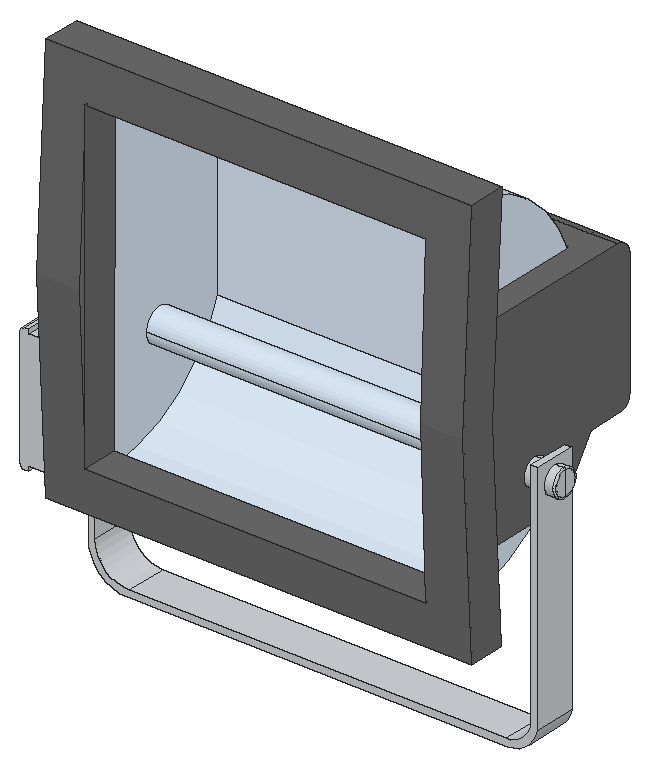
Revit family "Lighting-Floodlights-GEWISS-COLOSSEUM_OTTICA_CIRCULAR", category Apparecchi per illuminazione, host Superficie, Revit 2019
Family settings
  Host = Superficie
  Quota connettore circolare = Usa diametro
  Tipo di parte = Normale
  Numero OmniClass = 23.80.70.11.14
  Titolo OmniClass = General Luminaries, Directional
  Taglio con vuoti quando caricato = No
  Sorgente d'illuminazione = No
  Condiviso = No
  Punto di calcolo locali = Sì
Parameters (values of type "GW84755 - COLOSSEUM CIR. BEAM MEDIUM 2000W MN")
  Weight (kg): = "16"
  Weight (kg) = "16"
  Voltaggio = 230 V
  Version type = ""
  Version file RFA = "20.11"
  URL = "https://www.gewiss.com/ww/en"
  Technical sheet = "https://www.gewiss.com/ww/en/search?q=GW84755"
  Staffa = none
  Spessore staffa = 40 mm  # constant formula
  Shock resistance = "IK09"
  SIMBOLO [instance] = yes
  SEO = "Floodlight"
  Realized by GEWISS S.p.A. = ""
  Default Elevation = 1219.2 mm
  Produttore = "GEWISS S.p.A."
  Optic = "Circular - ULOR: 0%"
  Offset etichetta W [instance] = 150 mm
  Numero di poli = 2
  Modello = "GW84755"
  Minimum distance from the illuminated object = "3M"
  Maximum surface exposed to the wind = "0,25M2"
  Material = "Aluminium"
  Manopola di rotazione = none
  Light pollution = "0 cd/Klm"
  Lateral surface exposed to the wind = "0,083M2"
  Lampada = "MN"
  Lamp power = "2000W"
  Lamp holder = "K12s/Cable"
  Lamp current: = "11,3A"
  Lamp current = "11,3A"
  Lamp = "MN"
  L_interna staffa = 515 mm  # constant formula
  Insulation class = "I"
  Immagine tipo = GW84656.jpg
  IP degree = "IP66"
  IFC.TypeObject = ""
  IFC.ExportType = ""
  IFC.ExportAs = ""
  IDT = "36e0c751-5da2-4f5b-b782-3005ce20383a"
  IDF = "0415cf78-a531-4e92-83dd-7aec1197f31b"
  Electrocod = "2433"
  ETICHETTA [instance] = yes
  EAN code = "8011564100008"
  Descrizione = "COLOSSEUM CIR. BEAM MEDIUM 2000W MN"
  DIN 18032-3 certification = "Complying"
  Colour = "Graphite grey"
  Classificazione carico = Illuminazione
  Catalogue Range = "COLOSSEUM"
  Catalogue = "LIGHTING"
  Carico apparente = 2000 VA
  COBie.Tagnumber = ""
  COBie.CreatedOn = ""
  COBie.CreatebBy = ""
  COBie.ComponentRegisterItemID = ""
  COBie.Component.TagNumber = ""
  COBie.Component.Space = ""
  COBie.Component.SerialNumber = ""
  COBie.Component.InstallationDate = ""
  COBie.Component.Description = ""
  COBie.Component.BarCode = ""
  Beam = "Medium - 10°"
  BIDIMENSIONALE [instance] = not(SIMBOLO)  # no
  Application = "External"
Reference planes
  plane 1 "Centro (Fronte/Retro)": y = 0
  plane 2: z = 0
  plane 3 "Centro (Sinistra/Destra)": x = 0
  plane 4: z = 306.868
  plane 5: y = 20
  plane 6: y = -20
  plane 7: x = -257.5
  plane 8: x = 257.5
  plane 9: y = -150
Lines and regions (mm)
  Masking region 1, visible <- "BIDIMENSIONALE"
    outline origin (0, 0, 0) x (1, 0, 0) y (0, 1, 0)
      loop
        line (-265.318, 45) -> (-329.825, 45) -> (-329.825, -45) -> (-265.318, -45) -> (-265.318, -25) -> (-241.5, -25) -> (-241.5, -60.148) -> (-251.5, -60.148) -> (-251.5, -105.146) -> (251.5, -105.146) -> (251.5, -60.148) -> (241.5, -60.148) -> (241.5, -25) -> (265.318, -25) -> (265.318, -16.196) -> (277.893, -16.196) -> (277.893, 15.967) -> (265.318, 15.967) -> (265.318, 25) -> (241.5, 25) -> (241.5, 140) -> (-241.5, 140) -> (-241.5, 25) -> (-265.318, 25) -> (-265.318, 45)
  symbolic lines, visible <- "BIDIMENSIONALE"
    curve 1: line (-329.825, 45, 138.951) -> (-265.318, 45, 138.951)
    curve 2: line (-329.825, -45, 138.951) -> (-329.825, 45, 138.951)
    curve 3: line (-265.318, -45, 138.951) -> (-329.825, -45, 138.951)
    curve 4: line (-265.318, 45, 138.951) -> (-265.318, -45, 138.951)
    curve 5: line (-320.053, 45, 138.951) -> (-320.053, -45, 138.951)
    curve 6: line (-265.318, 25, 138.951) -> (-241.5, 25, 138.951)
    curve 7: line (-265.318, -25, 138.951) -> (-265.318, 25, 138.951)
    curve 8: line (-241.5, -25, 138.951) -> (-265.318, -25, 138.951)
    curve 9: line (-241.5, 25, 138.951) -> (-241.5, -25, 138.951)
    curve 10: line (-257.5, 25, 138.951) -> (-257.5, -25, 138.951)
    curve 11: line (-241.5, -60.148, 138.951) -> (241.5, -60.148, 138.951)
    curve 12: line (-241.5, 140, 138.951) -> (-241.5, -60.148, 138.951)
    curve 13: line (241.5, 140, 138.951) -> (-241.5, 140, 138.951)
    curve 14: line (241.5, -60.148, 138.951) -> (241.5, 140, 138.951)
    curve 15: line (251.5, -60.148, 138.951) -> (-251.5, -60.148, 138.951)
    curve 16: line (251.5, -105.146, 138.951) -> (251.5, -60.148, 138.951)
    curve 17: line (-251.5, -105.146, 138.951) -> (251.5, -105.146, 138.951)
    curve 18: line (-251.5, -60.148, 138.951) -> (-251.5, -105.146, 138.951)
    curve 19: line (265.318, 25, 138.951) -> (241.5, 25, 138.951)
    curve 20: line (265.318, -25, 138.951) -> (265.318, 25, 138.951)
    curve 21: line (241.5, -25, 138.951) -> (265.318, -25, 138.951)
    curve 22: line (241.5, 25, 138.951) -> (241.5, -25, 138.951)
    curve 23: line (265.318, -16.196, 138.951) -> (277.893, -16.196, 138.951)
    curve 24: line (265.318, 15.967, 138.951) -> (265.318, -16.196, 138.951)
    curve 25: line (277.893, 15.967, 138.951) -> (265.318, 15.967, 138.951)
    curve 26: line (277.893, -16.196, 138.951) -> (277.893, 15.967, 138.951)
    curve 27: line (257.5, -25, 138.951) -> (257.5, 25, 138.951)
  symbolic lines, visible <- "BIDIMENSIONALE", not visible
    curve 28: line (-329.825, 45, 138.951) -> (-265.318, 45, 138.951)
    curve 29: line (-329.825, -45, 138.951) -> (-329.825, 45, 138.951)
    curve 30: line (-265.318, -45, 138.951) -> (-329.825, -45, 138.951)
    curve 31: line (-265.318, 45, 138.951) -> (-265.318, -45, 138.951)
    curve 32: line (-320.053, 45, 138.951) -> (-320.053, -45, 138.951)
    curve 33: line (-265.318, 25, 138.951) -> (-241.5, 25, 138.951)
    curve 34: line (-265.318, -25, 138.951) -> (-265.318, 25, 138.951)
    curve 35: line (-241.5, -25, 138.951) -> (-265.318, -25, 138.951)
    curve 36: line (-241.5, 25, 138.951) -> (-241.5, -25, 138.951)
    curve 37: line (-257.5, 25, 138.951) -> (-257.5, -25, 138.951)
    curve 38: line (-241.5, -60.148, 138.951) -> (241.5, -60.148, 138.951)
    curve 39: line (-241.5, 140, 138.951) -> (-241.5, -60.148, 138.951)
    curve 40: line (241.5, 140, 138.951) -> (-241.5, 140, 138.951)
    curve 41: line (241.5, -60.148, 138.951) -> (241.5, 140, 138.951)
    curve 42: line (251.5, -60.148, 138.951) -> (-251.5, -60.148, 138.951)
    curve 43: line (251.5, -105.146, 138.951) -> (251.5, -60.148, 138.951)
    curve 44: line (-251.5, -105.146, 138.951) -> (251.5, -105.146, 138.951)
    curve 45: line (-251.5, -60.148, 138.951) -> (-251.5, -105.146, 138.951)
    curve 46: line (265.318, 25, 138.951) -> (241.5, 25, 138.951)
    curve 47: line (265.318, -25, 138.951) -> (265.318, 25, 138.951)
    curve 48: line (241.5, -25, 138.951) -> (265.318, -25, 138.951)
    curve 49: line (241.5, 25, 138.951) -> (241.5, -25, 138.951)
    curve 50: line (265.318, -16.196, 138.951) -> (277.893, -16.196, 138.951)
    curve 51: line (265.318, 15.967, 138.951) -> (265.318, -16.196, 138.951)
    curve 52: line (277.893, 15.967, 138.951) -> (265.318, 15.967, 138.951)
    curve 53: line (277.893, -16.196, 138.951) -> (277.893, 15.967, 138.951)
    curve 54: line (257.5, -25, 138.951) -> (257.5, 25, 138.951)
Dimensions and locks
  equal spacing: plane 6, plane 1 "Centro (Fronte/Retro)", plane 5
  "Spessore staffa": plane 6 to plane 5
  equal spacing: plane 7, plane 3 "Centro (Sinistra/Destra)", plane 8
  "L_interna staffa": plane 7 to plane 8
  nested 2 to nested 2 = 503 mm
  "Offset etichetta W": plane 1 "Centro (Fronte/Retro)" to plane 9
  aligned and locked: plane 2 to host face
  aligned and locked: level to host face
  aligned and locked: plane 1 "Centro (Fronte/Retro)" to nested 1
  aligned and locked: plane 3 "Centro (Sinistra/Destra)" to nested 1
  aligned and locked: nested 1 to nested 2
  aligned and locked: plane 3 "Centro (Sinistra/Destra)" to nested 3
  aligned and locked: plane 1 "Centro (Fronte/Retro)" to nested 3
  aligned and locked: nested 2 to plane 1 "Centro (Fronte/Retro)"
  aligned and locked: plane 3 "Centro (Sinistra/Destra)" to nested 5
  aligned and locked: nested 5 to plane 2
  aligned and locked: nested 6 to plane 9
  aligned and locked: plane 3 "Centro (Sinistra/Destra)" to nested 6
  aligned and locked: curve 12 to curve 9
  aligned and locked: curve 39 to curve 36
Automatic sketch dimensions
  host sketch curve to host sketch curve = 2438.4 mm  (x2)
  Masking region 1 sketch curve to plane 5 = 25 mm
  Masking region 1 sketch curve to plane 7 = 72.325 mm
  Masking region 1 sketch curve to plane 7 = 7.818 mm  (x2)
  plane 7 to Masking region 1 sketch curve = 6 mm
  Masking region 1 sketch curve to Masking region 1 sketch curve = 10 mm
  Masking region 1 sketch curve to plane 5 = 5 mm  (x2)
  plane 7 to Masking region 1 sketch curve = 16 mm
  Masking region 1 sketch curve to plane 8 = 16 mm  (x2)
  Masking region 1 sketch curve to plane 8 = 6 mm
  plane 8 to Masking region 1 sketch curve = 7.818 mm  (x2)
  Masking region 1 sketch curve to plane 6 = 3.804 mm
  plane 5 to Masking region 1 sketch curve = 4.033 mm
  Masking region 1 sketch curve to Masking region 1 sketch curve = 12.575 mm
  plane 6 to Masking region 1 sketch curve = 5 mm  (x2)
  Masking region 1 sketch curve to Masking region 1 sketch curve = 20 mm
  Masking region 1 sketch curve to Masking region 1 sketch curve = 35.148 mm
  Masking region 1 sketch curve to Masking region 1 sketch curve = 15.148 mm
  Masking region 1 sketch curve to Masking region 1 sketch curve = 44.998 mm
  Masking region 1 sketch curve to Masking region 1 sketch curve = 115 mm
Nested families
  nested 1: "GW - Staffa" at (0, 0, 0), type "GW - Staffa"
  nested 2: "GW - COLOSSEUM" at (0, 0, 129.414) x (-1, 0, 0) z (0, 0, 1), type "GW - COLOSSEUM"
  nested 3: "PROIETTORE" at (0, 0, 138.951), visible <- "SIMBOLO", type "PROIETTORE"
  nested 4: "2D - COLOSSEUM - LAT" at (0, -31.533, 0) x (0, -1, 0) z (1, 0, 0), type "BIDIMENSIONALE"
  nested 5: "2D - COLOSSEUM - FRONTE" at (0, 0, 0) x (1, 0, 0) z (0, -1, 0), type "BIDIMENSIONALE"
  nested 6: "ETICHETTA LIGHT" at (0, -150, 0), visible <- "ETICHETTA", type "ETICHETTA LIGHT"
Connectors
  electrical at (-295.522, 0, 251.903), driven by "Numero di poli", driven by "Classificazione carico", driven by "Voltaggio", driven by "Carico apparente"
    settings: on nested 1, index 1, voltage 230 V, apparent load 0 VA, apparent load phase1 2000 VA, apparent load phase2 0 VA, apparent load phase3 0 VA, power factor 1, load classification "Illuminazione", number of poles 2, system type 31, power factor state 1, is connector primary yes, connector utility no, sub classification motor no, connector description ""
Definition of nested family "GW - Staffa"
  Parameters (values of type "GW - Staffa")
    Staffa = none
    Spessore staffa = 50 mm
    Rotazione = none
    Default Elevation = 1219.2 mm
    L_interna staffa = 515 mm
    IFC.TypeObject = ""
    IFC.ExportType = ""
    IFC.ExportAs = ""
    Centro_rotazione = 276 mm
    COBie.CreatedOn = ""
    COBie.CreatebBy = ""
    COBie.ComponentRegisterItemID = ""
    COBie.Component.TagNumber = ""
    COBie.Component.Space = ""
    COBie.Component.SerialNumber = ""
    COBie.Component.InstallationDate = ""
    COBie.Component.Description = ""
    COBie.Component.BarCode = ""
  Reference planes
    plane 1 "Centro (Fronte/Retro)": y = 0
    plane 2: z = 0
    plane 3 "Centro (Sinistra/Destra)": x = 0
    plane 4: x = -257.5
    plane 5: x = -265.318
    plane 6: x = 257.5
    plane 7: x = 265.318
    plane 8: y = 25
    plane 9: y = -25
    plane 10: z = 8.002
    plane 11: z = 276
    plane 12: z = 307
    plane 13: z = 284.359
    plane 14 "aggancio lampada": x = -241.318
    plane 15: z = 1009.027
    plane 16: y = 45
    plane 17: y = -45
    plane 18: x = 241.318
  Forms (mm)
    Extrusion 1, solid, material <- "Staffa"
      sketch origin (0, 0, 0) x (1, 0, 0) y (0, 0, 1)
        loop
          line (-257.5, 307) -> (-265.318, 307) -> (-265.318, 46.032)
          arc (-265.318, 46.032) -> (-251.836, 13.482) -> (-219.286, 0) r 46.032
          line (-219.286, 0) -> (230.08, 0)
          arc (230.08, 0) -> (252.867, 8.149) -> (265.318, 28.9) r 35.933
          line (265.318, 28.9) -> (265.318, 307) -> (257.5, 307) -> (257.5, 31.592)
          arc (257.5, 31.592) -> (246.998, 14.632) -> (228.184, 8.002) r 30.012
          line (228.184, 8.002) -> (-217.39, 8.002)
          arc (-217.39, 8.002) -> (-245.752, 19.75) -> (-257.5, 48.112) r 40.11
          line (-257.5, 48.112) -> (-257.5, 307)
      from -25 to 25
    Revolve 2, solid, material <- "Rotazione"
      sketch origin (0, 0, 0) x (1, 0, 0) y (0, 0, 1)
        loop
          line (-241.318, 300.366) -> (-276.087, 300.366)
          arc (-276.087, 300.366) -> (-277.455, 299.799) -> (-278.021, 298.431) r 1.935
          line (-278.021, 298.431) -> (-278.021, 284.359) -> (-241.318, 284.359) -> (-241.318, 300.366)
        axis (-278.021, 284.359) -> (-241.318, 284.359)
      angle from 0 to 360
    Revolve 3, solid
      sketch origin (0, 0, 0) x (-1, 0, 0) y (0, 0, 1)
        loop
          line (-241.318, 300.366) -> (-276.087, 300.366)
          arc (-276.087, 300.366) -> (-277.455, 299.799) -> (-278.021, 298.431) r 1.935
          line (-278.021, 298.431) -> (-278.021, 284.359) -> (-241.318, 284.359) -> (-241.318, 300.366)
        axis (-278.021, 284.359) -> (-241.318, 284.359)
      angle from 0 to 360
    Extrusion 4, solid
      sketch origin (0, 0, 0) x (1, 0, 0) y (0, 0, 1)
        loop
          line (-320.053, 111.847) -> (-270.318, 111.847)
          arc (-270.318, 111.847) -> (-266.782, 113.312) -> (-265.318, 116.847) r 5
          line (-265.318, 116.847) -> (-265.318, 246.229)
          arc (-265.318, 246.229) -> (-266.98, 250.241) -> (-270.992, 251.903) r 5.674
          line (-270.992, 251.903) -> (-320.053, 251.903) -> (-320.053, 256.903) -> (-324.825, 256.903)
          arc (-324.825, 256.903) -> (-328.36, 255.439) -> (-329.825, 251.903) r 5
          line (-329.825, 251.903) -> (-329.825, 111.845)
          arc (-329.825, 111.845) -> (-328.36, 108.309) -> (-324.825, 106.845) r 5
          line (-324.825, 106.845) -> (-320.053, 106.845) -> (-320.053, 111.847)
      from -45 to 45
  Dimensions and locks
    locked: plane 4 to plane 5 at 7.818
    locked: plane 7 to plane 6 at 7.818
    locked: plane 10 to level at 8.002
    "Centro_rotazione": plane 11 to plane 2
    equal spacing: plane 6, plane 3 "Centro (Sinistra/Destra)", plane 4
    "L_interna staffa": plane 6 to plane 4
    locked: plane 12 to plane 11 at 31
    equal spacing: plane 8, plane 1 "Centro (Fronte/Retro)", plane 9
    "Spessore staffa": plane 8 to plane 9
    locked: plane 13 to plane 11 at 8.359
    locked: plane 14 "aggancio lampada" to plane 5 at 24
    locked: plane 17 to plane 9 at 20
    locked: plane 8 to plane 16 at 20
    aligned and locked: level to plane 2
    aligned and locked: Extrusion 1 sketch curve to plane 4
    aligned and locked: Extrusion 1 sketch curve to plane 5
    aligned and locked: Extrusion 1 sketch curve to plane 7
    aligned and locked: Extrusion 1 sketch curve to plane 6
    aligned and locked: Extrusion 1 sketch curve to plane 2
    aligned and locked: plane 8 to Extrusion 1
    aligned and locked: Extrusion 1 to plane 9
    aligned and locked: Extrusion 1 to plane 10
    aligned and locked: Extrusion 1 to plane 12  (x2)
    aligned and locked: Revolve 2 to plane 14 "aggancio lampada"
    aligned and locked: plane 16 to Extrusion 4
    aligned and locked: Extrusion 4 to plane 17
    aligned and locked: plane 5 to Extrusion 4
    aligned and locked: Revolve 3 to plane 18
  Automatic sketch dimensions
    Extrusion 1 sketch curve to plane 10 = 0 mm
    Extrusion 1 sketch curve to plane 12 = 0 mm  (x2)
    plane 14 "aggancio lampada" to Extrusion 1 sketch curve = 22.032 mm
    Extrusion 1 sketch curve to Extrusion 1 sketch curve = 1.896 mm  (x2)
    Extrusion 1 sketch curve to plane 6 = 29.316 mm
    level to Extrusion 1 sketch curve = 28.9 mm
    Extrusion 1 sketch curve to Extrusion 1 sketch curve = 2.692 mm
    Revolve 2 sketch curve to plane 13 = 0 mm  (x2)
    Revolve 2 sketch curve to plane 14 "aggancio lampada" = 0 mm
    Revolve 2 sketch curve to plane 5 = 10.769 mm
    Revolve 2 sketch curve to plane 5 = 12.703 mm
    plane 12 to Revolve 2 sketch curve = 8.569 mm
    Revolve 2 sketch curve to Revolve 2 sketch curve = 38.544 mm
    plane 7 to Revolve 2 sketch curve = 131.71 mm
    Revolve 3 sketch curve to plane 13 = 0 mm  (x2)
    Revolve 3 sketch curve to plane 7 = 12.703 mm
    Revolve 3 sketch curve to Revolve 3 sketch curve = 1.935 mm
    plane 6 to Revolve 3 sketch curve = 16.182 mm
    Revolve 3 sketch curve to plane 12 = 8.569 mm
    Revolve 3 sketch curve to Revolve 3 sketch curve = 38.544 mm
    plane 5 to Revolve 3 sketch curve = 131.711 mm
    Extrusion 4 sketch curve to plane 5 = 64.507 mm
    Extrusion 4 sketch curve to Extrusion 4 sketch curve = 5 mm  (x2)
    Extrusion 4 sketch curve to Extrusion 4 sketch curve = 4.772 mm  (x2)
    Extrusion 4 sketch curve to plane 5 = 5.674 mm
    Extrusion 4 sketch curve to plane 5 = 5 mm
    Extrusion 4 sketch curve to plane 5 = 0 mm
    Extrusion 4 sketch curve to plane 10 = 98.843 mm
    Extrusion 4 sketch curve to Extrusion 4 sketch curve = 5.002 mm
    plane 11 to Extrusion 4 sketch curve = 29.771 mm
    Extrusion 4 sketch curve to Extrusion 4 sketch curve = 0 mm
Definition of nested family "GW - COLOSSEUM"
  Parameters (values of type "GW - COLOSSEUM")
    Default Elevation = 1219.2 mm
    Ottica = none
    Lunghezza = 503 mm
    Led = none
    Cornice = none
  Reference planes
    plane 1 "Centro (Fronte/Retro)": y = 0
    plane 2: z = 0
    plane 3 "Centro (Sinistra/Destra)": x = 0
    plane 4: x = -251.5
    plane 5: x = 251.5
    plane 6: y = 140
    plane 7: y = -140
    plane 8: z = 485
    plane 9: x = -201.5
    plane 10: x = 201.5
    plane 11: z = 435
    plane 12: z = 50
    plane 13: x = -209.5
    plane 14: x = 209.5
    plane 15: z = 242.5
    plane 16: z = 154.945
    plane 17: x = -241.5
    plane 18: x = 241.5
  Forms (mm)
    Extrusion 1, solid, material <- "Cornice"
      sketch origin (0, 0, 0) x (0, 1, 0) y (0, 0, 1)
        loop
          arc (60.148, 485) -> (74.904, 242.528) -> (62.105, -0.055) r 2141.49
          line (62.105, -0.055) -> (105.137, -0.055)
          arc (105.137, -0.055) -> (118.461, 242.472) -> (105.146, 485) r 2214.693
          line (105.146, 485) -> (60.148, 485)
      from -251.5 to 251.5
    Extrusion 2, void
      sketch origin (0, 0, 0) x (0, 1, 0) y (0, 0, 1)
        loop
          arc (65.457, 435) -> (74.904, 242.535) -> (67.012, 50) r 2141.49
          line (67.012, 50) -> (110.078, 50)
          arc (110.078, 50) -> (118.461, 242.5) -> (110.081, 435) r 2214.693
          line (110.081, 435) -> (65.457, 435)
      from -201.5 to 201.5
    Extrusion 3, solid, material <- "Ottica"
      sketch origin (0, 0, 0) x (0, 1, 0) y (0, 0, 1)
        loop
          arc (63.576, 454.03) -> (-30.298, 418.358) -> (-89.216, 337.034) r 175.396
          line (-89.216, 337.034) -> (-89.216, 148.023)
          arc (-89.216, 148.023) -> (-29.619, 66.181) -> (65.28, 30.91) r 175.396
          arc (65.28, 30.91) -> (74.904, 242.512) -> (63.576, 454.03) r 2141.49
      from -209.5 to 209.5
    Extrusion 4, void
      sketch origin (0, 0, 0) x (0, 1, 0) y (0, 0, 1)
        loop
          arc (63.984, 450.049) -> (-27.551, 415.422) -> (-85.216, 336.35) r 171.396
          line (-85.216, 336.35) -> (-85.216, 148.706)
          arc (-85.216, 148.706) -> (-26.883, 69.128) -> (65.656, 34.895) r 171.396
          arc (65.656, 34.895) -> (74.904, 242.512) -> (63.984, 450.049) r 2141.49
      from -201.5 to 201.5
    Extrusion 5, solid, material <- "Led"
      sketch origin (0, 0, -87.555) x (0, 1, 0) y (0, 0, 1)
        loop
          circle (0, 242.5) r 20
      from -201.5 to 201.5
    Extrusion 6, solid, material <- "Cornice"
      sketch origin (0, 0, 0) x (0, 1, 0) y (0, 0, 1)
        loop
          line (72.23, 341.215) -> (-122.581, 341.215)
          arc (-122.581, 341.215) -> (-134.898, 336.113) -> (-140, 323.796) r 17.419
          line (-140, 323.796) -> (-140, 176.143)
          arc (-140, 176.143) -> (-135.607, 165.537) -> (-125, 161.143) r 15
          line (-125, 161.143) -> (-82.752, 161.143)
          arc (-82.752, 161.143) -> (-60.239, 128.379) -> (-31.882, 100.518) r 207.136
          line (-31.882, 100.518) -> (70.764, 100.518)
          arc (70.764, 100.518) -> (74.882, 220.846) -> (72.23, 341.215) r 2141.49
      from -241.5 to -209.5
    Extrusion 7, solid, material <- "Cornice"
      sketch origin (0, 0, 0) x (0, 1, 0) y (0, 0, -1)
        loop
          arc (72.23, -341.215) -> (74.882, -220.846) -> (70.764, -100.518) r 2141.49
          line (70.764, -100.518) -> (-31.882, -100.518)
          arc (-31.882, -100.518) -> (-60.239, -128.379) -> (-82.752, -161.143) r 207.136
          line (-82.752, -161.143) -> (-125, -161.143)
          arc (-125, -161.143) -> (-135.607, -165.537) -> (-140, -176.143) r 15
          line (-140, -176.143) -> (-140, -323.796)
          arc (-140, -323.796) -> (-134.898, -336.113) -> (-122.581, -341.215) r 17.419
          line (-122.581, -341.215) -> (72.23, -341.215)
      from -241.5 to -209.5
    Extrusion 8, solid, material <- "Cornice"
      sketch origin (0, 0, 0) x (0, 1, 0) y (0, 0, 1)
        loop
          line (-89.216, 341.215) -> (-122.581, 341.215)
          arc (-122.581, 341.215) -> (-134.898, 336.113) -> (-140, 323.796) r 17.419
          line (-140, 323.796) -> (-140, 176.143)
          arc (-140, 176.143) -> (-135.607, 165.537) -> (-125, 161.143) r 15
          line (-125, 161.143) -> (-89.216, 161.143) -> (-89.216, 341.215)
      from -209.5 to 209.5
  Cuts and joins
    Extrusion 2 cuts Extrusion 1
    Extrusion 4 cuts Extrusion 3
    Extrusion 2 cuts Extrusion 6
    joined: Extrusion 6, Extrusion 7, Extrusion 8
  Dimensions and locks
    equal spacing: plane 4, plane 3 "Centro (Sinistra/Destra)", plane 5
    equal spacing: plane 6, plane 1 "Centro (Fronte/Retro)", plane 7
    equal spacing: plane 5, plane 3 "Centro (Sinistra/Destra)", plane 4
    plane 8 to plane 2 = 485 mm
    "Lunghezza": plane 5 to plane 4
    locked: plane 8 to plane 11 at 50
    locked: plane 9 to plane 4 at 50
    locked: plane 12 to plane 2 at 50
    locked: plane 5 to plane 10 at 50
    locked: plane 9 to plane 13 at 8
    locked: plane 14 to plane 10 at 8
    equal spacing: plane 8, plane 15, plane 2
    plane 16 to cut or joined group of Extrusion 1, Extrusion 2 = 155 mm
    locked: plane 17 to plane 4 at 10
    locked: plane 5 to plane 18 at 10
    aligned and locked: level to plane 2
    aligned and locked: Extrusion 1 to plane 4
    aligned and locked: plane 5 to Extrusion 1
    aligned and locked: plane 8 to Extrusion 1
    aligned and locked: Extrusion 2 sketch curve to plane 11
    aligned and locked: Extrusion 2 sketch curve to plane 12
    aligned and locked: Extrusion 2 to plane 9
    aligned and locked: plane 10 to Extrusion 2
    aligned and locked: Extrusion 4 to plane 9
    aligned and locked: plane 10 to Extrusion 4
    aligned and locked: Extrusion 3 to plane 13
    aligned and locked: plane 14 to Extrusion 3
    aligned and locked: Extrusion 5 to plane 9
    aligned and locked: plane 10 to Extrusion 5
    aligned and locked: Extrusion 6 to plane 17
    aligned and locked: plane 13 to cut or joined group of Extrusion 2, Extrusion 6, Extrusion 7, Extrusion 8
    aligned and locked: cut or joined group of Extrusion 3, Extrusion 4 to Extrusion 8  (x2)
    aligned and locked: plane 18 to Extrusion 7
  Automatic sketch dimensions
    Extrusion 1 sketch curve to plane 8 = 0 mm
    plane 15 to Extrusion 1 sketch curve = 0.015 mm
    Extrusion 1 sketch curve to plane 7 = 1956.232 mm
    Extrusion 1 sketch curve to plane 15 = 8.611 mm
    Extrusion 1 sketch curve to Extrusion 1 sketch curve = 29.663 mm
    Extrusion 1 sketch curve to plane 1 "Centro (Fronte/Retro)" = 60.148 mm
    Extrusion 1 sketch curve to level = 0.055 mm
    Extrusion 1 sketch curve to plane 6 = 34.863 mm
    plane 15 to Extrusion 2 sketch curve = 0.015 mm
    Extrusion 2 sketch curve to plane 7 = 1956.232 mm
    Extrusion 2 sketch curve to plane 15 = 8.611 mm
    Extrusion 2 sketch curve to Extrusion 2 sketch curve = 29.663 mm
    Extrusion 2 sketch curve to plane 1 "Centro (Fronte/Retro)" = 65.457 mm
    Extrusion 2 sketch curve to plane 6 = 29.922 mm
    Extrusion 3 sketch curve to plane 15 = 8.611 mm
    Extrusion 3 sketch curve to plane 7 = 1926.569 mm
    plane 7 to Extrusion 3 sketch curve = 50.784 mm
    plane 15 to Extrusion 3 sketch curve = 36.598 mm
    Extrusion 3 sketch curve to plane 6 = 63.664 mm  (x2)
    Extrusion 3 sketch curve to plane 15 = 36.542 mm
    Extrusion 3 sketch curve to plane 16 = 6.922 mm
    plane 15 to Extrusion 3 sketch curve = 94.534 mm
    plane 11 to Extrusion 3 sketch curve = 19.03 mm
    Extrusion 4 sketch curve to plane 15 = 8.611 mm
    Extrusion 4 sketch curve to plane 7 = 1926.569 mm
    plane 7 to Extrusion 4 sketch curve = 54.784 mm
    Extrusion 4 sketch curve to plane 15 = 36.542 mm
    Extrusion 4 sketch curve to plane 6 = 63.664 mm  (x2)
    plane 15 to Extrusion 4 sketch curve = 36.598 mm
    Extrusion 4 sketch curve to plane 16 = 6.239 mm
    plane 15 to Extrusion 4 sketch curve = 93.85 mm
    plane 11 to Extrusion 4 sketch curve = 15.049 mm
    Extrusion 5 sketch curve to plane 1 "Centro (Fronte/Retro)" = 0 mm
    Extrusion 5 sketch curve to plane 16 = 0 mm
    Extrusion 6 sketch curve to plane 7 = 0 mm
    Extrusion 6 sketch curve to plane 15 = 8.611 mm
    Extrusion 6 sketch curve to plane 7 = 1926.569 mm
    plane 16 to Extrusion 6 sketch curve = 6.198 mm
    plane 7 to Extrusion 6 sketch curve = 15 mm
    plane 7 to Extrusion 6 sketch curve = 17.419 mm
    Extrusion 6 sketch curve to Extrusion 6 sketch curve = 42.248 mm
    plane 1 "Centro (Fronte/Retro)" to Extrusion 6 sketch curve = 31.882 mm
    Extrusion 6 sketch curve to plane 6 = 69.236 mm
    Extrusion 6 sketch curve to plane 6 = 67.77 mm
    plane 15 to Extrusion 6 sketch curve = 19.023 mm
    Extrusion 6 sketch curve to plane 6 = 41.564 mm
    Extrusion 7 sketch curve to plane 7 = 0 mm
    Extrusion 7 sketch curve to plane 15 = 8.611 mm
    Extrusion 7 sketch curve to plane 7 = 1926.569 mm
    plane 16 to Extrusion 7 sketch curve = 6.198 mm
    plane 7 to Extrusion 7 sketch curve = 15 mm
    plane 7 to Extrusion 7 sketch curve = 17.419 mm
    Extrusion 7 sketch curve to Extrusion 7 sketch curve = 42.248 mm
    plane 1 "Centro (Fronte/Retro)" to Extrusion 7 sketch curve = 31.882 mm
    Extrusion 7 sketch curve to plane 6 = 69.236 mm
    Extrusion 7 sketch curve to plane 6 = 67.77 mm
    plane 15 to Extrusion 7 sketch curve = 19.023 mm
    Extrusion 7 sketch curve to plane 6 = 41.564 mm
    Extrusion 8 sketch curve to plane 7 = 0 mm
    plane 7 to Extrusion 8 sketch curve = 17.419 mm
    plane 15 to Extrusion 8 sketch curve = 81.296 mm
    plane 7 to Extrusion 8 sketch curve = 15 mm
    Extrusion 8 sketch curve to Extrusion 8 sketch curve = 35.784 mm
    plane 16 to Extrusion 8 sketch curve = 6.198 mm
    radius of Extrusion 5 sketch curve = 20 mm
Definition of nested family "PROIETTORE"
  Reference planes
    plane 1 "Centro (Fronte/Retro)": y = 0
    plane 2: z = 0
    plane 3 "Centro (Sinistra/Destra)": x = 0
  Lines and regions (mm)
    detail lines, in view "Livello rif."
      curve 1: arc (38.588, -80.972, 0) -> (56.481, 0, 0) -> (38.588, 80.972, 0) r 192.159
      curve 2: arc (-28.784, -60.401, 0) -> (3.649, -74.79, 0) -> (38.588, -80.972, 0) r 146.716
      curve 3: arc (-28.784, 60.401, 0) -> (-59.936, 0, 0) -> (-28.784, -60.401, 0) r 74.132
      curve 4: arc (38.588, 80.972, 0) -> (3.649, 74.79, 0) -> (-28.784, 60.401, 0) r 146.716
      curve 5: line (-28.784, -60.401, 0) -> (38.588, 80.972, 0)
      curve 6: line (38.588, 80.972, 0) -> (38.588, -80.972, 0)
      curve 7: line (38.588, -80.972, 0) -> (-28.784, 60.401, 0)
Definition of nested family "2D - COLOSSEUM - LAT"
  Reference planes
    plane 1 "Centro (Fronte/Retro)": y = 0
    plane 2: z = 0
    plane 3 "Centro (Sinistra/Destra)": x = 0
  Lines and regions (mm)
    Masking region 1, in view "Livello rif."
      outline origin (0, 0, 0) x (1, 0, 0) y (0, 1, 0)
        loop
          line (28.614, 614.415) -> (32.477, 583.358)
          arc (32.477, 583.358) -> (-58.52, 548.486) -> (-123.646, 475.994) r 208.001
          arc (-123.646, 475.994) -> (-123.624, 471.579) -> (-119.796, 469.378) r 4.428
          line (-119.796, 469.378) -> (-156.684, 469.378)
          arc (-156.684, 469.378) -> (-167.294, 464.984) -> (-171.689, 454.374) r 15.005
          line (-171.689, 454.374) -> (-171.689, 303.985)
          arc (-171.689, 303.985) -> (-167.396, 293.621) -> (-157.031, 289.327) r 14.658
          line (-157.031, 289.327) -> (-127.182, 289.327)
          arc (-127.182, 289.327) -> (-130.355, 288.013) -> (-131.669, 284.84) r 4.487
          arc (-131.669, 284.84) -> (-104.005, 237.735) -> (-64.216, 200.304) r 192.374
          line (-64.216, 200.304) -> (-64.216, 120.569) -> (-70.646, 120.569)
          arc (-70.646, 120.569) -> (-77.515, 113.7) -> (-70.646, 106.831) r 6.869
          line (-70.646, 106.831) -> (-44.015, 106.831) -> (-44.015, 101.831) -> (-47.433, 101.831) -> (-47.433, 81.825) -> (-48.9, 81.825) -> (-48.9, 76.823) -> (-27.506, 76.823) -> (-22.036, 0) -> (22.036, 0) -> (14.429, 106.831) -> (37.01, 106.831)
          arc (37.01, 106.831) -> (43.879, 113.7) -> (37.01, 120.569) r 6.869
          line (37.01, 120.569) -> (30.581, 120.569) -> (30.581, 129.281) -> (63.05, 129.281)
          arc (63.05, 129.281) -> (69.87, 131.73) -> (73.574, 137.957) r 10.721
          arc (73.574, 137.957) -> (87.242, 371.667) -> (73.574, 605.377) r 2004.977
          arc (73.574, 605.377) -> (69.708, 611.659) -> (62.865, 614.415) r 11.794
          line (62.865, 614.415) -> (28.614, 614.415)
    detail lines, in view "Livello rif."
      curve 1: line (-22.52, 76.823, 0) -> (-27.506, 76.823, 0)
      curve 2: line (-22.52, 81.825, 0) -> (-22.52, 76.823, 0)
      curve 3: line (-44.015, 101.831, 0) -> (-23.984, 101.831, 0)
      curve 4: line (-23.984, 101.831, 0) -> (-23.984, 81.825, 0)
      curve 5: line (-44.015, 106.831, 0) -> (-44.015, 101.831, 0)
      curve 6: line (-27.404, 106.831, 0) -> (-27.404, 101.831, 0)
      curve 7: line (-58.528, 256.875, 0) -> (-70.646, 256.875, 0)
      curve 8: line (-70.646, 256.875, 0) -> (-71.196, 256.852, 0)
      curve 9: line (-71.196, 256.852, 0) -> (-71.734, 256.785, 0)
      curve 10: line (-71.734, 256.785, 0) -> (-72.258, 256.675, 0)
      curve 11: line (-72.258, 256.675, 0) -> (-72.766, 256.525, 0)
      curve 12: line (-72.766, 256.525, 0) -> (-73.257, 256.335, 0)
      curve 13: line (-73.257, 256.335, 0) -> (-73.729, 256.108, 0)
      curve 14: line (-73.729, 256.108, 0) -> (-74.179, 255.846, 0)
      curve 15: line (-74.179, 255.846, 0) -> (-74.608, 255.549, 0)
      curve 16: line (-74.608, 255.549, 0) -> (-75.011, 255.221, 0)
      curve 17: line (-75.011, 255.221, 0) -> (-75.389, 254.863, 0)
      curve 18: line (-75.389, 254.863, 0) -> (-75.739, 254.476, 0)
      curve 19: line (-75.739, 254.476, 0) -> (-76.06, 254.062, 0)
      curve 20: line (-76.06, 254.062, 0) -> (-76.349, 253.624, 0)
      curve 21: line (-76.349, 253.624, 0) -> (-76.606, 253.163, 0)
      curve 22: line (-76.606, 253.163, 0) -> (-76.827, 252.68, 0)
      curve 23: line (-76.827, 252.68, 0) -> (-77.012, 252.177, 0)
      curve 24: line (-77.012, 252.177, 0) -> (-77.16, 251.657, 0)
      curve 25: line (-77.16, 251.657, 0) -> (-77.267, 251.12, 0)
      curve 26: line (-77.267, 251.12, 0) -> (-77.332, 250.57, 0)
      curve 27: line (-77.332, 250.57, 0) -> (-77.354, 250.006, 0)
      curve 28: line (-77.354, 250.006, 0) -> (-77.332, 249.443, 0)
      curve 29: line (-77.332, 249.443, 0) -> (-77.267, 248.892, 0)
      curve 30: line (-77.267, 248.892, 0) -> (-77.159, 248.356, 0)
      curve 31: line (-77.159, 248.356, 0) -> (-77.012, 247.835, 0)
      curve 32: line (-77.012, 247.835, 0) -> (-76.827, 247.333, 0)
      curve 33: line (-76.827, 247.333, 0) -> (-76.606, 246.85, 0)
      curve 34: line (-76.606, 246.85, 0) -> (-76.349, 246.388, 0)
      curve 35: line (-76.349, 246.388, 0) -> (-76.06, 245.95, 0)
      curve 36: line (-76.06, 245.95, 0) -> (-75.739, 245.536, 0)
      curve 37: line (-75.739, 245.536, 0) -> (-75.389, 245.15, 0)
      curve 38: line (-75.389, 245.15, 0) -> (-75.011, 244.791, 0)
      curve 39: line (-75.011, 244.791, 0) -> (-74.607, 244.463, 0)
      curve 40: line (-74.607, 244.463, 0) -> (-74.179, 244.167, 0)
      curve 41: line (-74.179, 244.167, 0) -> (-73.728, 243.904, 0)
      curve 42: line (-73.728, 243.904, 0) -> (-73.256, 243.677, 0)
      curve 43: line (-73.256, 243.677, 0) -> (-72.766, 243.488, 0)
      curve 44: line (-72.766, 243.488, 0) -> (-72.257, 243.337, 0)
      curve 45: line (-72.257, 243.337, 0) -> (-71.733, 243.227, 0)
      curve 46: line (-71.733, 243.227, 0) -> (-71.195, 243.16, 0)
      curve 47: line (-71.195, 243.16, 0) -> (-70.645, 243.138, 0)
      curve 48: line (-70.645, 243.138, 0) -> (-64.216, 243.138, 0)
      curve 49: line (-64.216, 243.138, 0) -> (-64.216, 200.04, 0)
      curve 50: line (-44.015, 106.831, 0) -> (14.433, 106.831, 0)
      curve 51: line (30.581, 243.138, 0) -> (37.011, 243.138, 0)
      curve 52: line (37.011, 243.138, 0) -> (37.562, 243.16, 0)
      curve 53: line (37.562, 243.16, 0) -> (38.1, 243.227, 0)
      curve 54: line (38.1, 243.227, 0) -> (38.624, 243.337, 0)
      curve 55: line (38.624, 243.337, 0) -> (39.132, 243.488, 0)
      curve 56: line (39.132, 243.488, 0) -> (39.623, 243.677, 0)
      curve 57: line (39.623, 243.677, 0) -> (40.095, 243.904, 0)
      curve 58: line (40.095, 243.904, 0) -> (40.546, 244.167, 0)
      curve 59: line (40.546, 244.167, 0) -> (40.974, 244.463, 0)
      curve 60: line (40.974, 244.463, 0) -> (41.378, 244.791, 0)
      curve 61: line (41.378, 244.791, 0) -> (41.756, 245.15, 0)
      curve 62: line (41.756, 245.15, 0) -> (42.106, 245.536, 0)
      curve 63: line (42.106, 245.536, 0) -> (42.427, 245.95, 0)
      curve 64: line (42.427, 245.95, 0) -> (42.716, 246.388, 0)
      curve 65: line (42.716, 246.388, 0) -> (42.973, 246.85, 0)
      curve 66: line (42.973, 246.85, 0) -> (43.194, 247.333, 0)
      curve 67: line (43.194, 247.333, 0) -> (43.379, 247.835, 0)
      curve 68: line (43.379, 247.835, 0) -> (43.526, 248.356, 0)
      curve 69: line (43.526, 248.356, 0) -> (43.634, 248.892, 0)
      curve 70: line (43.634, 248.892, 0) -> (43.699, 249.443, 0)
      curve 71: line (43.699, 249.443, 0) -> (43.721, 250.006, 0)
      curve 72: line (43.721, 250.006, 0) -> (43.699, 250.57, 0)
      curve 73: line (43.699, 250.57, 0) -> (43.634, 251.121, 0)
      curve 74: line (43.634, 251.121, 0) -> (43.526, 251.657, 0)
      curve 75: line (43.526, 251.657, 0) -> (43.379, 252.178, 0)
      curve 76: line (43.379, 252.178, 0) -> (43.194, 252.68, 0)
      curve 77: line (43.194, 252.68, 0) -> (42.973, 253.163, 0)
      curve 78: line (42.973, 253.163, 0) -> (42.716, 253.625, 0)
      curve 79: line (42.716, 253.625, 0) -> (42.427, 254.063, 0)
      curve 80: line (42.427, 254.063, 0) -> (42.106, 254.477, 0)
      curve 81: line (42.106, 254.477, 0) -> (41.756, 254.863, 0)
      curve 82: line (41.756, 254.863, 0) -> (41.378, 255.222, 0)
      curve 83: line (41.378, 255.222, 0) -> (40.974, 255.55, 0)
      curve 84: line (40.974, 255.55, 0) -> (40.546, 255.846, 0)
      curve 85: line (40.546, 255.846, 0) -> (40.095, 256.109, 0)
      curve 86: line (40.095, 256.109, 0) -> (39.623, 256.336, 0)
      curve 87: line (39.623, 256.336, 0) -> (39.132, 256.525, 0)
      curve 88: line (39.132, 256.525, 0) -> (38.624, 256.676, 0)
      curve 89: line (38.624, 256.676, 0) -> (38.1, 256.785, 0)
      curve 90: line (38.1, 256.785, 0) -> (37.562, 256.853, 0)
      curve 91: line (37.562, 256.853, 0) -> (37.011, 256.875, 0)
      curve 92: line (37.011, 256.875, 0) -> (24.894, 256.875, 0)
      curve 93: line (24.894, 256.875, 0) -> (-58.528, 256.875, 0)
      curve 94: line (-58.528, 256.875, 0) -> (24.894, 256.875, 0)
      curve 95: line (-134.285, 290.911, 0) -> (-134.285, 467.887, 0)
      curve 96: line (-120.709, 290.606, 0) -> (-120.709, 467.887, 0)
      curve 97: line (-108.504, 285.414, 0) -> (-106.896, 282.241, 0)
      curve 98: line (-106.896, 282.241, 0) -> (-105.239, 279.113, 0)
      curve 99: line (-105.239, 279.113, 0) -> (-103.534, 276.03, 0)
      curve 100: line (-103.534, 276.03, 0) -> (-101.784, 272.994, 0)
      curve 101: line (-101.784, 272.994, 0) -> (-99.988, 270.005, 0)
      curve 102: line (-99.988, 270.005, 0) -> (-98.15, 267.064, 0)
      curve 103: line (-98.15, 267.064, 0) -> (-96.27, 264.172, 0)
      curve 104: line (-96.27, 264.172, 0) -> (-94.35, 261.331, 0)
      curve 105: line (-94.35, 261.331, 0) -> (-92.391, 258.541, 0)
      curve 106: line (-92.391, 258.541, 0) -> (-90.395, 255.803, 0)
      curve 107: line (-90.395, 255.803, 0) -> (-88.363, 253.119, 0)
      curve 108: line (-88.363, 253.119, 0) -> (-86.297, 250.488, 0)
      curve 109: line (-86.297, 250.488, 0) -> (-84.198, 247.913, 0)
      curve 110: line (-84.198, 247.913, 0) -> (-82.068, 245.394, 0)
      curve 111: line (-82.068, 245.394, 0) -> (-79.907, 242.932, 0)
      curve 112: line (-79.907, 242.932, 0) -> (-77.719, 240.528, 0)
      curve 113: line (-77.719, 240.528, 0) -> (-75.503, 238.184, 0)
      curve 114: line (-75.503, 238.184, 0) -> (-73.262, 235.899, 0)
      curve 115: line (-73.262, 235.899, 0) -> (-70.997, 233.675, 0)
      curve 116: line (-70.997, 233.675, 0) -> (-64.216, 228.617, 0)
      curve 117: line (-108.461, 285.437, 0) -> (-108.666, 285.823, 0)
      curve 118: line (-108.666, 285.823, 0) -> (-108.892, 286.191, 0)
      curve 119: line (-108.892, 286.191, 0) -> (-109.136, 286.541, 0)
      curve 120: line (-109.136, 286.541, 0) -> (-109.399, 286.872, 0)
      curve 121: line (-109.399, 286.872, 0) -> (-109.678, 287.183, 0)
      curve 122: line (-109.678, 287.183, 0) -> (-109.972, 287.475, 0)
      curve 123: line (-109.972, 287.475, 0) -> (-110.282, 287.748, 0)
      curve 124: line (-110.282, 287.748, 0) -> (-110.605, 288, 0)
      curve 125: line (-110.605, 288, 0) -> (-110.941, 288.231, 0)
      curve 126: line (-110.941, 288.231, 0) -> (-111.289, 288.442, 0)
      curve 127: line (-111.289, 288.442, 0) -> (-111.647, 288.632, 0)
      curve 128: line (-111.647, 288.632, 0) -> (-112.016, 288.8, 0)
      curve 129: line (-112.016, 288.8, 0) -> (-112.394, 288.946, 0)
      curve 130: line (-112.394, 288.946, 0) -> (-112.779, 289.07, 0)
      curve 131: line (-112.779, 289.07, 0) -> (-113.172, 289.171, 0)
      curve 132: line (-113.172, 289.171, 0) -> (-113.57, 289.25, 0)
      curve 133: line (-113.57, 289.25, 0) -> (-113.974, 289.305, 0)
      curve 134: line (-113.974, 289.305, 0) -> (-114.381, 289.337, 0)
      curve 135: line (-114.381, 289.337, 0) -> (-114.792, 289.344, 0)
      curve 136: line (-114.792, 289.344, 0) -> (-115.204, 289.327, 0)
      curve 137: line (-115.204, 289.327, 0) -> (-127.119, 289.327, 0)
      curve 138: line (-157.031, 469.378, 0) -> (40.91, 469.378, 0)
      curve 139: line (-124.172, 473.865, 0) -> (-124.158, 473.498, 0)
      curve 140: line (-124.158, 473.498, 0) -> (-124.115, 473.139, 0)
      curve 141: line (-124.115, 473.139, 0) -> (-124.045, 472.789, 0)
      curve 142: line (-124.045, 472.789, 0) -> (-123.949, 472.449, 0)
      curve 143: line (-123.949, 472.449, 0) -> (-123.828, 472.121, 0)
      curve 144: line (-123.828, 472.121, 0) -> (-123.684, 471.806, 0)
      curve 145: line (-123.684, 471.806, 0) -> (-123.517, 471.505, 0)
      curve 146: line (-123.517, 471.505, 0) -> (-123.328, 471.219, 0)
      curve 147: line (-123.328, 471.219, 0) -> (-123.119, 470.949, 0)
      curve 148: line (-123.119, 470.949, 0) -> (-122.891, 470.697, 0)
      curve 149: line (-122.891, 470.697, 0) -> (-122.644, 470.463, 0)
      curve 150: line (-122.644, 470.463, 0) -> (-122.381, 470.249, 0)
      curve 151: line (-122.381, 470.249, 0) -> (-122.101, 470.056, 0)
      curve 152: line (-122.101, 470.056, 0) -> (-121.807, 469.885, 0)
      curve 153: line (-121.807, 469.885, 0) -> (-121.5, 469.737, 0)
      curve 154: line (-121.5, 469.737, 0) -> (-121.179, 469.613, 0)
      curve 155: line (-121.179, 469.613, 0) -> (-120.848, 469.515, 0)
      curve 156: line (-120.848, 469.515, 0) -> (-120.506, 469.444, 0)
      curve 157: line (-120.506, 469.444, 0) -> (-120.155, 469.4, 0)
      curve 158: line (-120.155, 469.4, 0) -> (-119.796, 469.385, 0)
      curve 159: line (37.011, 256.875, 0) -> (40.845, 273.017, 0)
      curve 160: line (40.845, 273.017, 0) -> (41.108, 278.506, 0)
      curve 161: line (41.108, 278.506, 0) -> (41.356, 283.984, 0)
      curve 162: line (41.356, 283.984, 0) -> (41.589, 289.448, 0)
      curve 163: line (41.589, 289.448, 0) -> (41.806, 294.894, 0)
      curve 164: line (41.806, 294.894, 0) -> (42.009, 300.318, 0)
      curve 165: line (42.009, 300.318, 0) -> (42.197, 305.717, 0)
      curve 166: line (42.197, 305.717, 0) -> (42.37, 311.087, 0)
      curve 167: line (42.37, 311.087, 0) -> (42.528, 316.423, 0)
      curve 168: line (42.528, 316.423, 0) -> (42.671, 321.722, 0)
      curve 169: line (42.671, 321.722, 0) -> (42.799, 326.981, 0)
      curve 170: line (42.799, 326.981, 0) -> (42.912, 332.195, 0)
      curve 171: line (42.912, 332.195, 0) -> (43.01, 337.361, 0)
      curve 172: line (43.01, 337.361, 0) -> (43.092, 342.475, 0)
      curve 173: line (43.092, 342.475, 0) -> (43.16, 347.533, 0)
      curve 174: line (43.16, 347.533, 0) -> (43.212, 352.531, 0)
      curve 175: line (43.212, 352.531, 0) -> (43.25, 357.466, 0)
      curve 176: line (43.25, 357.466, 0) -> (43.272, 362.333, 0)
      curve 177: line (43.272, 362.333, 0) -> (43.272, 367.129, 0)
      curve 178: line (43.272, 367.129, 0) -> (43.272, 371.85, 0)
      curve 179: line (43.272, 371.85, 0) -> (43.231, 384.664, 0)
      curve 180: line (43.231, 384.664, 0) -> (43.112, 397.452, 0)
      curve 181: line (43.112, 397.452, 0) -> (42.916, 410.205, 0)
      curve 182: line (42.916, 410.205, 0) -> (42.642, 422.917, 0)
      curve 183: line (42.642, 422.917, 0) -> (42.293, 435.579, 0)
      curve 184: line (42.293, 435.579, 0) -> (41.868, 448.184, 0)
      curve 185: line (41.868, 448.184, 0) -> (41.37, 460.724, 0)
      curve 186: line (41.37, 460.724, 0) -> (40.799, 473.192, 0)
      curve 187: line (40.799, 473.192, 0) -> (40.156, 485.581, 0)
      curve 188: line (40.156, 485.581, 0) -> (39.442, 497.882, 0)
      curve 189: line (39.442, 497.882, 0) -> (38.657, 510.088, 0)
      curve 190: line (38.657, 510.088, 0) -> (37.804, 522.191, 0)
      curve 191: line (37.804, 522.191, 0) -> (36.883, 534.184, 0)
      curve 192: line (36.883, 534.184, 0) -> (35.895, 546.06, 0)
      curve 193: line (35.895, 546.06, 0) -> (34.841, 557.81, 0)
      curve 194: line (34.841, 557.81, 0) -> (33.722, 569.427, 0)
      curve 195: line (33.722, 569.427, 0) -> (32.538, 580.904, 0)
      curve 196: line (32.538, 580.904, 0) -> (31.292, 592.233, 0)
      curve 197: line (31.292, 592.233, 0) -> (29.984, 603.406, 0)
      curve 198: line (29.984, 603.406, 0) -> (28.614, 614.415, 0)
      curve 199: line (3.757, 256.875, 0) -> (1.687, 285.96, 0)
      curve 200: line (-42.165, 282.69, 0) -> (-40.327, 256.875, 0)
      curve 201: line (20.84, 117.252, 0) -> (20.84, 246.456, 0)
      curve 202: line (18.804, 248.539, 0) -> (-52.117, 248.539, 0)
      curve 203: line (-54.152, 246.456, 0) -> (-54.152, 117.252, 0)
      curve 204: line (-52.117, 115.168, 0) -> (18.804, 115.168, 0)
      curve 205: line (3.352, 262.563, 0) -> (4.154, 263.51, 0)
      curve 206: line (4.154, 263.51, 0) -> (4.914, 264.478, 0)
      curve 207: line (4.914, 264.478, 0) -> (5.632, 265.467, 0)
      curve 208: line (5.632, 265.467, 0) -> (6.308, 266.477, 0)
      curve 209: line (6.308, 266.477, 0) -> (6.942, 267.504, 0)
      curve 210: line (6.942, 267.504, 0) -> (7.535, 268.55, 0)
      curve 211: line (7.535, 268.55, 0) -> (8.087, 269.611, 0)
      curve 212: line (8.087, 269.611, 0) -> (8.597, 270.688, 0)
      curve 213: line (8.597, 270.688, 0) -> (9.067, 271.778, 0)
      curve 214: line (9.067, 271.778, 0) -> (9.494, 272.881, 0)
      curve 215: line (9.494, 272.881, 0) -> (9.881, 273.995, 0)
      curve 216: line (9.881, 273.995, 0) -> (10.226, 275.119, 0)
      curve 217: line (10.226, 275.119, 0) -> (10.531, 276.252, 0)
      curve 218: line (10.531, 276.252, 0) -> (10.794, 277.392, 0)
      curve 219: line (10.794, 277.392, 0) -> (11.016, 278.539, 0)
      curve 220: line (11.016, 278.539, 0) -> (11.198, 279.691, 0)
      curve 221: line (11.198, 279.691, 0) -> (11.339, 280.847, 0)
      curve 222: line (11.339, 280.847, 0) -> (11.438, 282.006, 0)
      curve 223: line (11.438, 282.006, 0) -> (11.498, 283.166, 0)
      curve 224: line (11.498, 283.166, 0) -> (11.516, 284.326, 0)
      curve 225: line (11.516, 284.326, 0) -> (11.411, 286.992, 0)
      curve 226: line (11.411, 286.992, 0) -> (11.101, 289.599, 0)
      curve 227: line (11.101, 289.599, 0) -> (10.594, 292.138, 0)
      curve 228: line (10.594, 292.138, 0) -> (9.898, 294.601, 0)
      curve 229: line (9.898, 294.601, 0) -> (9.021, 296.98, 0)
      curve 230: line (9.021, 296.98, 0) -> (7.972, 299.265, 0)
      curve 231: line (7.972, 299.265, 0) -> (6.759, 301.45, 0)
      curve 232: line (6.759, 301.45, 0) -> (5.389, 303.525, 0)
      curve 233: line (5.389, 303.525, 0) -> (3.872, 305.482, 0)
      curve 234: line (3.872, 305.482, 0) -> (2.215, 307.313, 0)
      curve 235: line (2.215, 307.313, 0) -> (0.427, 309.009, 0)
      curve 236: line (0.427, 309.009, 0) -> (-1.485, 310.562, 0)
      curve 237: line (-1.485, 310.562, 0) -> (-3.512, 311.964, 0)
      curve 238: line (-3.512, 311.964, 0) -> (-5.646, 313.206, 0)
      curve 239: line (-5.646, 313.206, 0) -> (-7.878, 314.28, 0)
      curve 240: line (-7.878, 314.28, 0) -> (-10.202, 315.177, 0)
      curve 241: line (-10.202, 315.177, 0) -> (-12.608, 315.89, 0)
      curve 242: line (-12.608, 315.89, 0) -> (-15.088, 316.409, 0)
      curve 243: line (-15.088, 316.409, 0) -> (-17.634, 316.727, 0)
      curve 244: line (-17.634, 316.727, 0) -> (-20.239, 316.834, 0)
      curve 245: line (-20.239, 316.834, 0) -> (-22.843, 316.727, 0)
      curve 246: line (-22.843, 316.727, 0) -> (-25.39, 316.409, 0)
      curve 247: line (-25.39, 316.409, 0) -> (-27.87, 315.89, 0)
      curve 248: line (-27.87, 315.89, 0) -> (-30.276, 315.177, 0)
      curve 249: line (-30.276, 315.177, 0) -> (-32.599, 314.28, 0)
      curve 250: line (-32.599, 314.28, 0) -> (-34.832, 313.206, 0)
      curve 251: line (-34.832, 313.206, 0) -> (-36.966, 311.964, 0)
      curve 252: line (-36.966, 311.964, 0) -> (-38.993, 310.562, 0)
      curve 253: line (-38.993, 310.562, 0) -> (-40.905, 309.009, 0)
      curve 254: line (-40.905, 309.009, 0) -> (-42.693, 307.313, 0)
      curve 255: line (-42.693, 307.313, 0) -> (-44.35, 305.482, 0)
      curve 256: line (-44.35, 305.482, 0) -> (-45.867, 303.525, 0)
      curve 257: line (-45.867, 303.525, 0) -> (-47.236, 301.45, 0)
      curve 258: line (-47.236, 301.45, 0) -> (-48.45, 299.265, 0)
      curve 259: line (-48.45, 299.265, 0) -> (-49.499, 296.98, 0)
      curve 260: line (-49.499, 296.98, 0) -> (-50.375, 294.601, 0)
      curve 261: line (-50.375, 294.601, 0) -> (-51.071, 292.138, 0)
      curve 262: line (-51.071, 292.138, 0) -> (-51.579, 289.599, 0)
      curve 263: line (-51.579, 289.599, 0) -> (-51.889, 286.992, 0)
      curve 264: line (-51.889, 286.992, 0) -> (-51.994, 284.326, 0)
      curve 265: line (-51.994, 284.326, 0) -> (-51.961, 282.827, 0)
      curve 266: line (-51.961, 282.827, 0) -> (-51.863, 281.346, 0)
      curve 267: line (-51.863, 281.346, 0) -> (-51.7, 279.883, 0)
      curve 268: line (-51.7, 279.883, 0) -> (-51.475, 278.441, 0)
      curve 269: line (-51.475, 278.441, 0) -> (-51.189, 277.021, 0)
      curve 270: line (-51.189, 277.021, 0) -> (-50.843, 275.623, 0)
      curve 271: line (-50.843, 275.623, 0) -> (-50.438, 274.251, 0)
      curve 272: line (-50.438, 274.251, 0) -> (-49.977, 272.904, 0)
      curve 273: line (-49.977, 272.904, 0) -> (-49.459, 271.584, 0)
      curve 274: line (-49.459, 271.584, 0) -> (-48.888, 270.294, 0)
      curve 275: line (-48.888, 270.294, 0) -> (-48.264, 269.034, 0)
      curve 276: line (-48.264, 269.034, 0) -> (-47.588, 267.805, 0)
      curve 277: line (-47.588, 267.805, 0) -> (-46.862, 266.61, 0)
      curve 278: line (-46.862, 266.61, 0) -> (-46.088, 265.45, 0)
      curve 279: line (-46.088, 265.45, 0) -> (-45.266, 264.325, 0)
      curve 280: line (-45.266, 264.325, 0) -> (-44.399, 263.238, 0)
      curve 281: line (-44.399, 263.238, 0) -> (-43.487, 262.189, 0)
      curve 282: line (-43.487, 262.189, 0) -> (-42.532, 261.181, 0)
      curve 283: line (-42.532, 261.181, 0) -> (-41.535, 260.215, 0)
      curve 284: line (-41.535, 260.215, 0) -> (-40.499, 259.293, 0)
      curve 285: arc (1.687, 285.96, 0) -> (-21.817, 306.487, 0) -> (-42.176, 282.837, 0) r 21.988
      curve 286: arc (18.804, 248.539, 0) -> (20.244, 247.943, 0) -> (20.84, 246.504, 0) r 2.036
      curve 287: arc (-52.117, 248.539, 0) -> (-53.556, 247.943, 0) -> (-54.152, 246.504, 0) r 2.036
      curve 288: arc (18.804, 115.168, 0) -> (20.244, 115.765, 0) -> (20.84, 117.204, 0) r 2.036
      curve 289: arc (-52.117, 115.168, 0) -> (-53.556, 115.765, 0) -> (-54.152, 117.204, 0) r 2.036
      curve 290: line (30.581, 243.138, 0) -> (30.581, 129.281, 0)
Definition of nested family "2D - COLOSSEUM - FRONTE"
  Reference planes
    plane 1 "Centro (Fronte/Retro)": y = 0
    plane 2: z = 0
    plane 3 "Centro (Sinistra/Destra)": x = 0
  Lines and regions (mm)
    Masking region 1, in view "Livello rif."
      outline origin (0, 0, 0) x (1, 0, 0) y (0, 1, 0)
        loop
          line (222.287, 614.42) -> (-222.287, 614.42)
          arc (-222.287, 614.42) -> (-243.014, 605.834) -> (-251.6, 585.107) r 29.313
          line (-251.6, 585.107) -> (-251.6, 316.834) -> (-257.682, 316.834) -> (-257.682, 306.831) -> (-265.5, 306.831) -> (-265.5, 300.33) -> (-278.201, 300.33) -> (-278.201, 268.32) -> (-265.5, 268.32) -> (-265.5, 251.873) -> (-313.877, 251.873) -> (-313.877, 256.875) -> (-317.296, 256.875) -> (-317.296, 251.873) -> (-320.228, 251.873) -> (-320.228, 256.875) -> (-325.113, 256.875)
          arc (-325.113, 256.875) -> (-328.568, 255.444) -> (-329.999, 251.99) r 4.885
          line (-329.999, 251.99) -> (-329.999, 111.834)
          arc (-329.999, 111.834) -> (-328.534, 108.297) -> (-324.997, 106.832) r 5.002
          line (-324.997, 106.832) -> (-320.228, 106.832) -> (-320.228, 111.834) -> (-317.296, 111.834) -> (-317.296, 106.832) -> (-313.877, 106.832) -> (-313.877, 111.834) -> (-306.549, 111.834) -> (-306.549, 106.832) -> (-301.663, 106.832) -> (-301.663, 101.83) -> (-305.082, 101.83) -> (-305.082, 81.825) -> (-306.549, 81.825) -> (-306.549, 76.823) -> (-280.168, 76.823) -> (-280.168, 81.825) -> (-281.632, 81.825) -> (-281.632, 101.83) -> (-285.052, 101.83) -> (-285.052, 106.832) -> (-280.168, 106.832) -> (-280.168, 111.834) -> (-271.372, 111.834)
          arc (-271.372, 111.834) -> (-267.918, 113.265) -> (-266.487, 116.719) r 4.886
          line (-266.487, 116.719) -> (-265.5, 116.719) -> (-265.5, 38.009)
          arc (-265.5, 38.009) -> (-254.367, 11.132) -> (-227.49, 0) r 38.009
          line (-227.49, 0) -> (228.37, 0)
          arc (228.37, 0) -> (254.625, 10.875) -> (265.5, 37.13) r 37.13
          line (265.5, 37.13) -> (265.5, 268.32) -> (278.202, 268.32) -> (278.202, 300.329) -> (265.5, 300.329) -> (265.5, 306.831) -> (257.683, 306.831) -> (257.683, 316.834) -> (251.601, 316.834) -> (251.601, 585.106)
          arc (251.601, 585.106) -> (243.015, 605.834) -> (222.287, 614.42) r 29.313
        loop
          line (-257.694, 251.816) -> (-257.694, 38.311)
          arc (-257.694, 38.311) -> (-248.808, 16.857) -> (-227.355, 7.971) r 30.34
          line (-227.355, 7.971) -> (227.645, 7.971)
          arc (227.645, 7.971) -> (248.885, 16.769) -> (257.683, 38.009) r 30.038
          line (257.683, 38.009) -> (257.683, 251.816) -> (251.458, 251.816) -> (251.458, 155.686)
          arc (251.458, 155.686) -> (243.715, 136.994) -> (225.023, 129.251) r 26.435
          line (225.023, 129.251) -> (-221.562, 129.251)
          arc (-221.562, 129.251) -> (-242.802, 138.049) -> (-251.6, 159.289) r 30.038
          line (-251.6, 159.289) -> (-251.6, 251.816) -> (-257.694, 251.816)
    model lines, in view "Livello rif."
      curve 1: line (-313.877, 256.875, 0) -> (-313.877, 106.832, 0)
      curve 2: line (-317.296, 106.832, 0) -> (-317.296, 256.875, 0)
      curve 3: line (-320.228, 256.875, 0) -> (-320.228, 106.832, 0)
      curve 4: line (251.601, 251.816, 0) -> (251.601, 316.834, 0)
      curve 5: line (251.601, 584.41, 0) -> (251.503, 586.872, 0)
      curve 6: line (251.503, 586.872, 0) -> (251.216, 589.278, 0)
      curve 7: line (-251.216, 589.278, 0) -> (-251.503, 586.872, 0)
      curve 8: line (-251.503, 586.872, 0) -> (-251.6, 584.41, 0)
      curve 9: line (-251.6, 316.834, 0) -> (-251.6, 251.816, 0)
      curve 10: line (-271.372, 111.834, 0) -> (-270.972, 111.85, 0)
      curve 11: line (-270.972, 111.85, 0) -> (-270.58, 111.898, 0)
      curve 12: line (-270.58, 111.898, 0) -> (-270.198, 111.978, 0)
      curve 13: line (-270.198, 111.978, 0) -> (-269.828, 112.088, 0)
      curve 14: line (-269.828, 112.088, 0) -> (-269.471, 112.226, 0)
      curve 15: line (-269.471, 112.226, 0) -> (-269.127, 112.391, 0)
      curve 16: line (-269.127, 112.391, 0) -> (-268.799, 112.582, 0)
      curve 17: line (-268.799, 112.582, 0) -> (-268.487, 112.798, 0)
      curve 18: line (-268.487, 112.798, 0) -> (-268.193, 113.037, 0)
      curve 19: line (-268.193, 113.037, 0) -> (-267.918, 113.298, 0)
      curve 20: line (-267.918, 113.298, 0) -> (-267.663, 113.579, 0)
      curve 21: line (-267.663, 113.579, 0) -> (-267.429, 113.881, 0)
      curve 22: line (-267.429, 113.881, 0) -> (-267.219, 114.2, 0)
      curve 23: line (-267.219, 114.2, 0) -> (-267.032, 114.536, 0)
      curve 24: line (-267.032, 114.536, 0) -> (-266.871, 114.887, 0)
      curve 25: line (-266.871, 114.887, 0) -> (-266.736, 115.253, 0)
      curve 26: line (-266.736, 115.253, 0) -> (-266.629, 115.632, 0)
      curve 27: line (-266.629, 115.632, 0) -> (-266.551, 116.023, 0)
      curve 28: line (-266.551, 116.023, 0) -> (-266.503, 116.424, 0)
      curve 29: line (-266.503, 116.424, 0) -> (-266.487, 116.834, 0)
      curve 30: line (-266.487, 116.834, 0) -> (-266.487, 246.717, 0)
      curve 31: line (-266.487, 246.717, 0) -> (-266.616, 247.127, 0)
      curve 32: line (-266.616, 247.127, 0) -> (-266.664, 247.528, 0)
      curve 33: line (-266.664, 247.528, 0) -> (-266.742, 247.919, 0)
      curve 34: line (-266.742, 247.919, 0) -> (-266.849, 248.297, 0)
      curve 35: line (-266.849, 248.297, 0) -> (-266.984, 248.664, 0)
      curve 36: line (-266.984, 248.664, 0) -> (-267.145, 249.015, 0)
      curve 37: line (-267.145, 249.015, 0) -> (-267.332, 249.351, 0)
      curve 38: line (-267.332, 249.351, 0) -> (-267.543, 249.67, 0)
      curve 39: line (-267.543, 249.67, 0) -> (-267.776, 249.971, 0)
      curve 40: line (-267.776, 249.971, 0) -> (-268.031, 250.253, 0)
      curve 41: line (-268.031, 250.253, 0) -> (-268.306, 250.514, 0)
      curve 42: line (-268.306, 250.514, 0) -> (-268.6, 250.753, 0)
      curve 43: line (-268.6, 250.753, 0) -> (-268.912, 250.969, 0)
      curve 44: line (-268.912, 250.969, 0) -> (-269.24, 251.16, 0)
      curve 45: line (-269.24, 251.16, 0) -> (-269.584, 251.325, 0)
      curve 46: line (-269.584, 251.325, 0) -> (-269.941, 251.463, 0)
      curve 47: line (-269.941, 251.463, 0) -> (-270.311, 251.573, 0)
      curve 48: line (-270.311, 251.573, 0) -> (-270.693, 251.652, 0)
      curve 49: line (-270.693, 251.652, 0) -> (-271.085, 251.701, 0)
      curve 50: line (-271.085, 251.701, 0) -> (-271.485, 251.718, 0)
      curve 51: line (-192.974, 564.418, 0) -> (-192.974, 179.295, 0)
      curve 52: line (-192.974, 179.295, 0) -> (-192.942, 178.475, 0)
      curve 53: line (-192.942, 178.475, 0) -> (-192.847, 177.672, 0)
